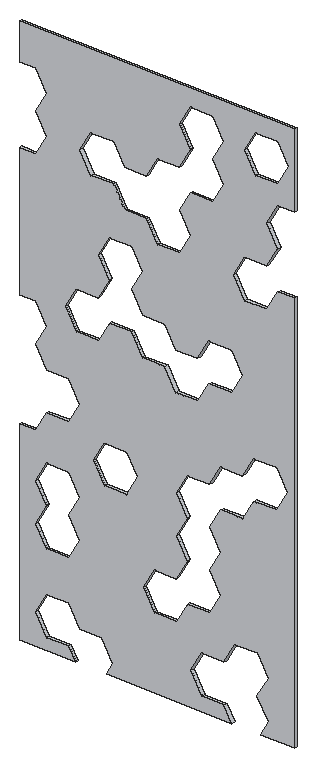
Revit family "J2 PET Felt Room Divider Hive", category Specialty Equipment, Revit 2022
Family settings
  Round Connector Dimension = Use Diameter
  Part Type = Normal
  Work Plane-Based = No
  Always vertical = Yes
  Cut with Voids When Loaded = No
  Maintain Annotation Orientation = No
  Shared = No
  Room Calculation Point = No
Parameters
  URL = "https://www.j2systems.net/"
  Style Number = "RDHIVE"  # constant formula
  Symbol Name = "RDHIVE"  # constant formula
  Release Date = "2019"  # constant formula
  Product Line = "Room Divider"  # constant formula
  Model = "Hive"  # constant formula
  Manufacturer = "J2 Systems"  # constant formula
  Keynote = ""
  Felt Color = none
  Default Elevation = 0' - 0"
Reference planes (in)
  plane 1 "Center (Front/Back)": y = 0
  plane 2: z = 0
  plane 3 "Center (Left/Right)": x = 0
Forms (in)
  Extrusion 1, solid, material <- "Felt Color"
    sketch origin (0, 0, 0) x (1, 0, 0) y (0, 0, 1)
      loop
        line (-23.5, 0) -> (-13.94474, 0) -> (-15.11082, 2.03098) -> (-18.89704, 2.03098) -> (-20.79386, 5.33141) -> (-18.89783, 8.63372) -> (-15.10529, 8.63372) -> (-13.20833, 5.33304) -> (-9.4227, 5.33304) -> (-7.52574, 2.03236) -> (-8.69377, 0) -> (12.843, 0) -> (11.47441, 2.38191) -> (7.6943, 2.38191) -> (5.79734, 5.68259) -> (7.6943, 8.98327) -> (11.47164, 8.98327) -> (13.3686, 12.28395) -> (17.16114, 12.28395) -> (19.05672, 8.98327) -> (17.15976, 5.68259) -> (19.05672, 2.38191) -> (17.68812, 0) -> (23.5, 0) -> (23.5, 69.00073) -> (20.71466, 69.00073) -> (18.8177, 65.70004) -> (15.02516, 65.70004) -> (13.1282, 69.00073) -> (15.02516, 72.30141) -> (18.81631, 72.30141) -> (20.71328, 75.6021) -> (18.8177, 78.90416) -> (20.71466, 82.20484) -> (23.5, 82.20484) -> (23.5, 95) -> (-23.5, 95) -> (-23.5, 88.80897) -> (-20.78374, 88.80897) -> (-18.88678, 85.50829) -> (-20.78374, 82.20484) -> (-18.88678, 78.90416) -> (-20.78374, 75.60348) -> (-23.5, 75.60348) -> (-23.5, 53.00989) -> (-20.78374, 53.00989) -> (-18.88678, 49.7092) -> (-20.78374, 46.40852) -> (-18.88678, 43.10784) -> (-15.09562, 43.10784) -> (-13.19866, 39.80716) -> (-15.09562, 36.50233) -> (-18.88678, 36.50233) -> (-20.78374, 33.20026) -> (-23.5, 33.20026) -> (-23.5, 0)
      loop
        line (-18.87987, 15.59432) -> (-15.08871, 15.59432) -> (-13.19175, 18.895) -> (-15.08595, 22.19568) -> (-13.19037, 25.49498) -> (-15.08733, 28.79428) -> (-18.87987, 28.79428) -> (-20.77574, 25.49549) -> (-18.88125, 22.1943) -> (-20.77545, 18.8974) -> (-18.87987, 15.59432)
      loop
        line (-10.91347, 32.10049) -> (-9.01651, 28.79981) -> (-5.22397, 28.79981) -> (-3.32701, 32.10049) -> (-5.22397, 35.40118) -> (-9.01651, 35.40118) -> (-10.91347, 32.10049)
      loop
        line (-11.2865, 82.20484) -> (-13.18346, 78.90416) -> (-11.2865, 75.60348) -> (-7.49811, 75.60348) -> (-5.60115, 72.30279) -> (-1.81276, 72.30279) -> (0.08421, 69.00211) -> (3.87536, 69.00211) -> (5.77232, 72.30279) -> (3.87536, 75.60348) -> (5.77232, 78.90416) -> (9.5621, 78.90416) -> (11.45906, 82.20622) -> (9.5621, 85.50691) -> (11.45906, 88.80759) -> (9.5621, 92.10689) -> (5.77094, 92.10689) -> (3.87398, 88.80621) -> (5.77094, 85.50553) -> (3.87398, 82.20484) -> (0.08421, 82.20484) -> (-1.80999, 78.90416) -> (-5.597, 78.90416) -> (-7.49396, 82.20484) -> (-11.2865, 82.20484)
      loop
        line (-8.1226, 67.23916) -> (-10.01956, 63.93848) -> (-8.1226, 60.6378) -> (-10.01956, 57.33711) -> (-13.80381, 57.33711) -> (-15.69939, 54.03505) -> (-13.80381, 50.73437) -> (-10.01403, 50.73437) -> (-8.11707, 54.03505) -> (-4.33697, 54.03505) -> (-2.44139, 50.73298) -> (1.34424, 50.73298) -> (3.2412, 47.4323) -> (7.03374, 47.4323) -> (8.9307, 50.73437) -> (12.7191, 50.73437) -> (14.61606, 54.03505) -> (12.7191, 57.33711) -> (8.92794, 57.33711) -> (7.03098, 54.03643) -> (3.25088, 54.03643) -> (1.35391, 57.33711) -> (-2.43448, 57.33711) -> (-4.33144, 60.6378) -> (-2.43448, 63.93848) -> (-4.33144, 67.23916) -> (-8.1226, 67.23916)
      loop
        line (16.89449, 92.10966) -> (14.99476, 88.80897) -> (16.89172, 85.50829) -> (20.68426, 85.50829) -> (22.58122, 88.80897) -> (20.68426, 92.10966) -> (16.89449, 92.10966)
      loop
        line (20.43557, 42.00531) -> (16.64442, 42.00531) -> (14.74884, 38.70462) -> (10.95906, 38.70462) -> (9.0621, 35.40394) -> (5.27094, 35.40394) -> (3.37398, 32.10326) -> (5.27094, 28.80258) -> (3.37398, 25.50189) -> (5.27094, 22.20121) -> (3.37536, 18.90053) -> (-0.41165, 18.90053) -> (-2.30861, 15.59985) -> (-0.41165, 12.29917) -> (3.3795, 12.29917) -> (5.27647, 15.59985) -> (9.06348, 15.59985) -> (10.96044, 18.90053) -> (9.06348, 22.20121) -> (10.96044, 25.50189) -> (9.06348, 28.80258) -> (10.96044, 32.10326) -> (14.74883, 32.10326) -> (16.6458, 35.40394) -> (20.43557, 35.40394) -> (22.33253, 38.70463) -> (20.43557, 42.00531)
    from 0.25 to -0.25
Dimensions and locks (in)
  aligned and locked: level to plane 2
